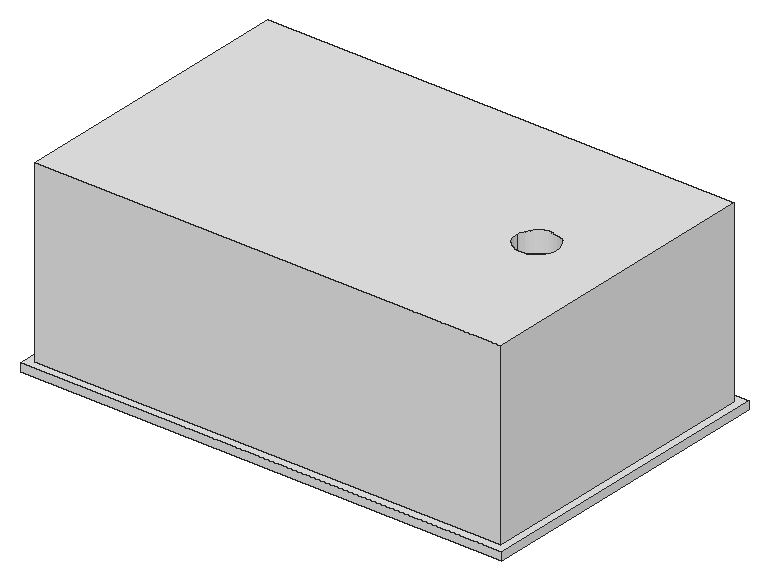
Revit family "LB0400010", category Plumbing Fixtures, Revit 2015
Parameters
  URL = "www.arboles.co.uk"
  Manufacturer = "ARBOLES UK LTD, 01204 388814"
  Description = "Ceramic Larch Sink 595mm x 380mm x 230mm White"
Reference planes
  plane 1 "Center (Front/Back)": y = 0
  plane 2: z = 0
  plane 3 "Center (Left/Right)": x = 0
Forms (mm)
  Extrusion 1, solid
    sketch origin (0, 0, 0) x (1, 0, 0) y (0, 1, 0)
      loop
        line (0, 0) -> (595, 0) -> (595, 380) -> (0, 380) -> (0, 0)
    from 0 to 230
  Extrusion 2, void
    sketch origin (0, 0, 0) x (1, 0, 0) y (0, 1, 0)
      loop
        line (40, 340) -> (40, 40) -> (555, 40) -> (555, 340) -> (40, 340)
    from 0 to 205
  Extrusion 3, void
    sketch origin (0, 0, 0) x (1, 0, 0) y (0, 1, 0)
      loop
        circle (485.777, 190.161) r 25
    from 0 to 250
  Extrusion 4, void
    sketch origin (0, 0, 230) x (0, 1, 0) y (1, 0, 0)
      loop
        line (370, 10) -> (10, 10) -> (10, 585) -> (370, 585) -> (370, 635) -> (-55, 635) -> (-55, -45) -> (370, -45) -> (370, 10)
    from 0 to 220
  Extrusion 5, void
    sketch origin (0, 0, 230) x (0, 1, 0) y (1, 0, 0)
      loop
        line (370, -35) -> (425, -35) -> (425, 635) -> (370, 635) -> (370, -35)
    from 0 to 220
Cuts and joins
  Extrusion 2, Extrusion 3, Extrusion 4, Extrusion 5 cuts Extrusion 1
Lines and regions (mm)
  reference lines
    curve 1: line (0, 10, 230) -> (585, 10, 230)
    curve 2: line (585, 10, 230) -> (585, 370, 230)
    curve 3: line (585, 370, 230) -> (10, 370, 230)
Dimensions and locks
  aligned and locked: level to plane 2
